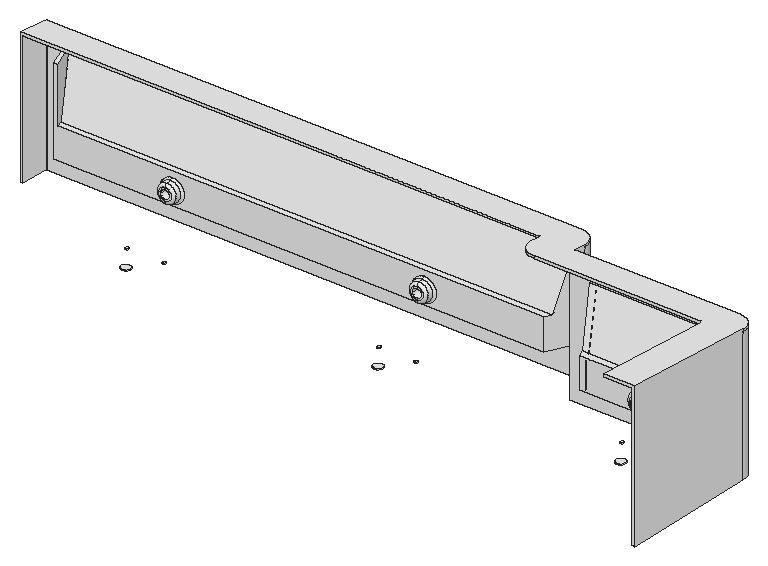
Revit family "Plumbing-Sink-Sloan-Valve-ELWF-84000", category Plumbing Fixtures, host Face, Revit 2019
Family settings
  Host = Face
  Round Connector Dimension = Use Diameter
  Part Type = Normal
  OmniClass Number = 23.45.05.14.14
  OmniClass Title = Sinks/Lavatories
  Cut with Voids When Loaded = No
  Shared = No
  Room Calculation Point = No
Parameters (values of type "ELWF-84000")
  Width = 120.00"  # constant formula
  Water Flow = 0.0 GPM
  Waste Connection = yes
  WFU = 2
  Vent Connection = no
  Valve Pressure Drop = 0.0 Pa
  URL = "www.sloanvalve.com"
  Sanitary Drain Connection Diameter = 1.50"
  Product data url = "https://bimobject.com/sloan_valve/product/sinks_sloanstone_elwf-84000"
  Product Material = Sloan - SloanStone - White (WH)
  Product Guid = ""
  Part Number = ""
  Model = "ELWF-84000"
  Manufacturer = "Sloan Valve"  # constant formula
  Keynote = "10000"
  Hot Water Connection Diameter = 0.50"
  Height = 29.69"  # constant formula
  HWFU = 1.5
  HW Connection = yes
  z_Elevation [instance] = 34.00"  # constant formula
  Edition number = 1
  Description = "SloanStone® 4-Station Wall-Mounted Waterfall Sink."
  Depth = 22.00"  # constant formula
  Default Elevation = 0.00"  # constant formula
  Cold Water Connection Diameter = 0.50"
  CWFU = 1.5
  CW Connection = yes
  Assembly Code = "D2010400"
  ADA Compliant = 1 = 1  # yes
Reference planes
  plane 1 "Center (Front/Back)": y = 0
  plane 2: z = 0
  plane 3 "Center (Left/Right)": x = 0
  plane 4: y = -355.6
  plane 5: y = -863.6
  plane 6: z = 53.975
  plane 7: x = -1914.118
  plane 8: z = 53.975
  plane 9: x = -1152.24
  plane 10: x = -390.128
  plane 11: z = 53.975
  plane 12: x = 371.475
  plane 13: z = 53.975
  plane 14: x = -2292.495
  plane 15: x = 755.505
  plane 16: z = 598.536
Forms (mm)
  Extrusion 1, solid, not visible
    sketch origin (0, 0, 0) x (1, 0, 0) y (0, 1, 0)
      loop
        circle (371.475, -355.6) r 19.05
      loop
        circle (447.675, -254) r 6.35
      loop
        circle (295.275, -254) r 6.35
      loop
        circle (-631.54, -355.6) r 19.05
      loop
        circle (-555.34, -254) r 6.35
      loop
        circle (-707.74, -254) r 6.35
      loop
        circle (-1672.94, -355.6) r 19.05
      loop
        circle (-1596.74, -254) r 6.35
      loop
        circle (-1749.14, -254) r 6.35
    from 0 to 12.947
Dimensions and locks
  plane 4 to plane 1 "Center (Front/Back)" = 14.00"
  "z_Elevation": plane 5 to plane 1 "Center (Front/Back)"
  aligned and locked: plane 2 to host face
  aligned and locked: level to host face
Automatic sketch dimensions
  host sketch curve to host sketch curve = 141.00"
  host sketch curve to host sketch curve = 96.00"
  Extrusion 1 sketch curve to plane 4 = 0.00"  (x3)
  Extrusion 1 sketch curve to plane 12 = 0.00"
  Extrusion 1 sketch curve to plane 12 = 3.00"
  Extrusion 1 sketch curve to plane 10 = 6.50439"
  Extrusion 1 sketch curve to Extrusion 1 sketch curve = 3.00"  (x4)
  plane 4 to Extrusion 1 sketch curve = 4.00"  (x6)
  plane 7 to Extrusion 1 sketch curve = 12.49523"
  plane 12 to Extrusion 1 sketch curve = 3.00"
  radius of Extrusion 1 sketch curve = 0.75"  (x3)
  radius of Extrusion 1 sketch curve = 0.25"  (x6)
Nested families
  nested 1: "Geometry" at (-9.525, -762, 282.579) x (1, 0, 0) z (0, 1, 0), type "Geometry"
Connectors
  piping at (371.475, -355.6, 0), diameter 38.1, driven by "WFU", driven by "Sanitary Drain Connection Diameter"
    settings: on Extrusion 1, index 2, connector inside diameter 24.00", connector length 0.00", flow factor 0, pipe flow 0.0 GPM, pressure drop 0.0 Pa, fitting loss kfactor 0, connector angle 0.00°, fixture units 2, engagement length 0.00", angle of deflection 0.00°, flow configuration 3, flow direction 2, fitting loss method 0, system type 16, joint type 0, gender type 0, connector reference index -1, connector utility 0, adjustable connector no, is connector primary yes, connector description "Sanitary Drain Connection 3"
  piping at (447.675, -254, 0), diameter 12.7, driven by "Cold Water Connection Diameter", driven by "Valve Pressure Drop"
    settings: on Extrusion 1, index 3, connector inside diameter 24.00", connector length 0.00", flow factor 0, pipe flow 0.0 GPM, pressure drop 0.0 Pa, fitting loss kfactor 0, connector angle 0.00°, fixture units 1.5, engagement length 0.00", angle of deflection 0.00°, flow configuration 3, flow direction 1, fitting loss method 0, system type 20, joint type 0, gender type 0, connector reference index -1, connector utility 0, adjustable connector no, is connector primary no, connector description "Cold Water Connection 3"
  piping at (295.275, -254, 0), diameter 12.7, driven by "Valve Pressure Drop", driven by "Hot Water Connection Diameter"
    settings: on Extrusion 1, index 4, connector inside diameter 24.00", connector length 0.00", flow factor 0, pipe flow 0.0 GPM, pressure drop 0.0 Pa, fitting loss kfactor 0, connector angle 0.00°, fixture units 1.5, engagement length 0.00", angle of deflection 0.00°, flow configuration 3, flow direction 1, fitting loss method 0, system type 19, joint type 0, gender type 0, connector reference index -1, connector utility 0, adjustable connector no, is connector primary no, connector description "Hot Water Connection 3"
  piping at (-1672.94, -355.6, 0), diameter 38.1, driven by "Sanitary Drain Connection Diameter", driven by "WFU"
    settings: on Extrusion 1, index 5, connector inside diameter 24.00", connector length 0.00", flow factor 0, pipe flow 0.0 GPM, pressure drop 0.0 Pa, fitting loss kfactor 0, connector angle 0.00°, fixture units 2, engagement length 0.00", angle of deflection 0.00°, flow configuration 3, flow direction 2, fitting loss method 0, system type 16, joint type 0, gender type 0, connector reference index -1, connector utility 0, adjustable connector no, is connector primary no, connector description "Sanitary Drain Connection 1"
  piping at (-1749.14, -254, 0), diameter 12.7, driven by "Hot Water Connection Diameter", driven by "Valve Pressure Drop"
    settings: on Extrusion 1, index 6, connector inside diameter 24.00", connector length 0.00", flow factor 0, pipe flow 0.0 GPM, pressure drop 0.0 Pa, fitting loss kfactor 0, connector angle 0.00°, fixture units 1.5, engagement length 0.00", angle of deflection 0.00°, flow configuration 3, flow direction 1, fitting loss method 0, system type 19, joint type 0, gender type 0, connector reference index -1, connector utility 0, adjustable connector no, is connector primary no, connector description "Hot Water Connection 1"
  piping at (-1596.74, -254, 0), diameter 12.7, driven by "Cold Water Connection Diameter", driven by "Valve Pressure Drop"
    settings: on Extrusion 1, index 7, connector inside diameter 24.00", connector length 0.00", flow factor 0, pipe flow 0.0 GPM, pressure drop 0.0 Pa, fitting loss kfactor 0, connector angle 0.00°, fixture units 1.5, engagement length 0.00", angle of deflection 0.00°, flow configuration 3, flow direction 1, fitting loss method 0, system type 20, joint type 0, gender type 0, connector reference index -1, connector utility 0, adjustable connector no, is connector primary no, connector description "Cold Water Connection 1"
  piping at (-631.54, -355.6, 0), diameter 38.1, driven by "Sanitary Drain Connection Diameter", driven by "WFU"
    settings: on Extrusion 1, index 8, connector inside diameter 24.00", connector length 0.00", flow factor 0, pipe flow 0.0 GPM, pressure drop 0.0 Pa, fitting loss kfactor 0, connector angle 0.00°, fixture units 2, engagement length 0.00", angle of deflection 0.00°, flow configuration 3, flow direction 2, fitting loss method 0, system type 16, joint type 0, gender type 0, connector reference index -1, connector utility 0, adjustable connector no, is connector primary no, connector description "Sanitary Drain Connection 2"
  piping at (-707.74, -254, 0), diameter 12.7, driven by "Hot Water Connection Diameter", driven by "Valve Pressure Drop"
    settings: on Extrusion 1, index 9, connector inside diameter 24.00", connector length 0.00", flow factor 0, pipe flow 0.0 GPM, pressure drop 0.0 Pa, fitting loss kfactor 0, connector angle 0.00°, fixture units 1.5, engagement length 0.00", angle of deflection 0.00°, flow configuration 3, flow direction 1, fitting loss method 0, system type 19, joint type 0, gender type 0, connector reference index -1, connector utility 0, adjustable connector no, is connector primary no, connector description "Hot Water Connection 2"
  piping at (-555.34, -254, 0), diameter 12.7, driven by "Cold Water Connection Diameter", driven by "Valve Pressure Drop"
    settings: on Extrusion 1, index 10, connector inside diameter 24.00", connector length 0.00", flow factor 0, pipe flow 0.0 GPM, pressure drop 0.0 Pa, fitting loss kfactor 0, connector angle 0.00°, fixture units 1.5, engagement length 0.00", angle of deflection 0.00°, flow configuration 3, flow direction 1, fitting loss method 0, system type 20, joint type 0, gender type 0, connector reference index -1, connector utility 0, adjustable connector no, is connector primary no, connector description "Cold Water Connection 2"
Definition of nested family "Geometry"
  Parameters (values of type "Geometry")
    URL = ""
    Model = ""
    Manufacturer = ""
    Product Material = none
    Description = ""
    Default Elevation = 0.00"
    Assembly Code = ""
  Reference planes
    plane 1 "Center (Front/Back)": y = 3.179
    plane 2: z = 0
    plane 3 "Center (Left/Right)": x = 0
    plane 4: x = 765.03
    plane 5: y = -276.221
    plane 6: y = 282.579
    plane 7: y = -315.957
    plane 8: x = 638.03
    plane 9: z = 635
    plane 10: x = -2282.97
    plane 11: x = -98.425
    plane 12: x = -2181.37
    plane 13: x = 101.6
    plane 14: x = 660.4
    plane 15: y = 228.604
    plane 16: x = -622.015
    plane 17: x = 381
    plane 18: y = 101.388
    plane 19: x = -380.603
    plane 20: x = -1142.715
    plane 21: x = -1904.593
    plane 22: x = -1663.415
    plane 23: x = 330.2
    plane 24: x = 431.8
    plane 25: x = -329.803
    plane 26: x = -431.403
    plane 27: x = -1193.515
    plane 28: x = -1091.915
    plane 29: x = -1853.793
    plane 30: x = -1955.393
    plane 31: z = 381
    plane 32: z = 330.2
    plane 33: z = 762
    plane 34: x = -73.025
    plane 35: x = -2206.77
    plane 36: y = 281.785
    plane 37: z = -101.6
  Forms (mm)
    Sweep 1, solid, material <- "Product Material"
      path origin (0, 3.179, 0) x (1, 0, 0) y (0, 0, 1)
        loop
          line (765.03, 0) -> (765.03, 558.8)
          arc (765.03, 558.8) -> (742.711, 612.682) -> (688.83, 635) r 76.2
          line (688.83, 635) -> (9.525, 635) -> (9.525, 685.8)
          arc (9.525, 685.8) -> (-12.793, 739.682) -> (-66.675, 762) r 76.2
          line (-66.675, 762) -> (-2263.461, 762)
      profile origin (765.03, 3.179, 279.4) x (-1, 0, 0) y (0, -1, 0)
        loop
          line (12.7, -279.4) -> (12.7, 314.239) -> (0, 314.239) -> (0, -279.4) -> (12.7, -279.4)
    Extrusion 2, solid, material <- "Product Material"
      sketch origin (0, 3.179, 0) x (1, 0, 0) y (0, 0, 1)
        loop
          line (-66.675, 762) -> (-2265.069, 762)
          arc (-2265.069, 762) -> (-2273.074, 758.81) -> (-2276.691, 750.99) r 11.639
          line (-2276.691, 750.99) -> (-2282.875, 635) -> (-139.014, 635)
          arc (-139.014, 635) -> (-134.524, 633.14) -> (-132.664, 628.65) r 6.35
          line (-132.664, 628.65) -> (-132.664, 584.012)
          arc (-132.664, 584.012) -> (-109.663, 531.391) -> (-56.465, 509.758) r 76.225
          line (-56.465, 509.758) -> (625.33, 509.758)
          arc (625.33, 509.758) -> (634.31, 506.038) -> (638.03, 497.058) r 12.7
          line (638.03, 497.058) -> (638.03, 0) -> (765.03, 0) -> (765.03, 558.8)
          arc (765.03, 558.8) -> (742.711, 612.682) -> (688.83, 635) r 76.2
          line (688.83, 635) -> (9.525, 635) -> (9.525, 685.8)
          arc (9.525, 685.8) -> (-12.793, 739.682) -> (-66.675, 762) r 76.2
      from 262.762 to 315.957
    Extrusion 3, void
      sketch origin (0, 0, 0) x (0, 1, 0) y (0, 0, 1)
        loop
          line (-264.243, 763.768) -> (-320.679, 763.768) -> (-320.679, 0) -> (-310.628, 0) -> (-264.243, 763.768)
      from -2282.97 to 765.03
    Extrusion 4, void
      sketch origin (0, -584.631, 763.768) x (0, -1, 0) y (0, 0, -1)
        loop
          line (-284.022, 763.768) -> (-340.16, 763.768) -> (-340.16, 12.7) -> (-329.742, 12.7) -> (-284.022, 763.768)
      from -2282.97 to 765.03
    Extrusion 5, solid, material <- "Product Material"
      sketch origin (-258.467, 3.179, 0) x (1, 0, 0) y (0, 0, 1)
        loop
          line (-2018.224, 750.99) -> (-2024.407, 635) -> (-2014.933, 635) -> (-2008.922, 747.802)
          arc (-2008.922, 747.802) -> (-2008.43, 748.866) -> (-2007.34, 749.3) r 1.584
          line (-2007.34, 749.3) -> (-2004.994, 749.3) -> (-2004.994, 762) -> (-2006.602, 762)
          arc (-2006.602, 762) -> (-2014.607, 758.81) -> (-2018.224, 750.99) r 11.639
      from -279.4 to 283.47
    Extrusion 6, solid, material <- "Product Material"
      sketch origin (7.938, 0, 0) x (0, 1, 0) y (0, 0, 1)
        loop
          line (163.483, 761.997) -> (157.113, 761.997) -> (151.446, 651.967) -> (47.395, 651.967) -> (37.095, 677.948) -> (-198.219, 762) -> (-216.886, 762) -> (29.878, 674.421) -> (29.878, 645.617) -> (157.476, 645.617) -> (163.483, 761.997)
      from -2189.308 to -106.363
    Extrusion 7, void
      sketch origin (0, 3.179, 0) x (1, 0, 0) y (0, 0, 1)
        loop
          line (-100.214, 751.068) -> (-140.488, 645.617) -> (-98.425, 645.617) -> (-98.425, 751.068) -> (-100.214, 751.068)
      from -279.4 to 319.136
    Extrusion 8, void
      sketch origin (0, 0, 0) x (0, 1, 0) y (0, 0, 1)
        loop
          line (157.113, 762) -> (-198.219, 762) -> (-162.664, 749.3) -> (156.459, 749.3) -> (157.113, 762)
      from -2181.37 to -98.425
    Extrusion 9, void
      sketch origin (773.272, -0.666, -126.997) x (0, 1, 0) y (0, 0, 1)
        loop
          line (157.778, 761.997) -> (-197.554, 761.997) -> (-161.998, 749.297) -> (157.124, 749.297) -> (157.778, 761.997)
      from -671.672 to -112.872
    Extrusion 10, void
      sketch origin (0, 0, 0) x (0, 1, 0) y (0, 0, 1)
        loop
          line (29.878, 674.421) -> (-186.084, 751.068) -> (-204.659, 751.068) -> (-204.659, 635) -> (29.878, 635) -> (29.878, 674.421)
      from -672.229 to -81.641
    Extrusion 11, void
      sketch origin (0, 0, 0) x (0, 1, 0) y (0, 0, 1)
        loop
          line (162.919, 751.068) -> (157.255, 641.347) -> (171.957, 641.347) -> (171.957, 751.068) -> (162.919, 751.068)
      from -2206.77 to -73.025
    Revolve 12, solid, material <- "Product Material"
      sketch origin (381, 389.297, 1219.2) x (0, 1, 0) y (0, 0, 1)
        loop
          line (-287.908, -734.834) -> (-287.908, -698.808) -> (-336.235, -698.808)
          arc (-336.235, -698.808) -> (-331.021, -702.444) -> (-328.331, -708.203) r 12.25
          line (-328.331, -708.203) -> (-325.302, -725.382)
          arc (-325.302, -725.382) -> (-321.39, -732.158) -> (-314.038, -734.834) r 11.438
          line (-314.038, -734.834) -> (-287.908, -734.834)
        axis (-287.908, -698.808) -> (-287.908, -734.834)
      angle from 0 to 360
    Extrusion 13, void
      sketch origin (0, 0, 0) x (1, 0, 0) y (0, 1, 0)
        loop
          circle (381, 101.388) r 19.05
      from 481.81 to 552.602
    Extrusion 14, void
      sketch origin (0, 0, 0) x (1, 0, 0) y (0, 1, 0)
        loop
          circle (-622.015, 101.388) r 19.05
      from 595.9 to 698.129
    Revolve 15, solid, material <- "Product Material"
      sketch origin (-622.015, 237.952, 1219.2) x (0, -1, 0) y (0, 0, 1)
        loop
          line (136.564, -609.608) -> (136.564, -573.583) -> (88.237, -573.583)
          arc (88.237, -573.583) -> (93.451, -577.218) -> (96.141, -582.977) r 12.25
          line (96.141, -582.977) -> (99.17, -600.156)
          arc (99.17, -600.156) -> (103.082, -606.932) -> (110.435, -609.608) r 11.438
          line (110.435, -609.608) -> (136.564, -609.608)
        axis (136.564, -573.583) -> (136.564, -609.608)
      angle from 0 to 360
    Extrusion 16, void
      sketch origin (-1142.563, 0, 0) x (1, 0, 0) y (0, 1, 0)
        loop
          circle (-520.852, 101.388) r 19.05
      from 595.9 to 698.129
    Revolve 17, solid, material <- "Product Material"
      sketch origin (-1663.415, 1970.433, 1219.2) x (0, 1, 0) y (0, 0, 1)
        loop
          line (-1869.045, -609.608) -> (-1842.915, -609.608)
          arc (-1842.915, -609.608) -> (-1835.563, -606.932) -> (-1831.651, -600.156) r 11.438
          line (-1831.651, -600.156) -> (-1828.622, -582.977)
          arc (-1828.622, -582.977) -> (-1825.932, -577.218) -> (-1820.718, -573.583) r 12.25
          line (-1820.718, -573.583) -> (-1869.045, -573.583) -> (-1869.045, -609.608)
        axis (-1869.045, -573.583) -> (-1869.045, -609.608)
      angle from 0 to 360
    Extrusion 18, solid, material <- "Product Material"
      sketch origin (-763.759, 0, 0) x (-1, 0, 0) y (0, 0, -1)
        loop
          line (1373.161, -645.617) -> (1417.611, -761.997) -> (1432.471, -761.997) -> (1388.021, -645.617) -> (1373.161, -645.617)
      from -163.483 to 198.219
    Extrusion 19, solid, material <- "Product Material"
      sketch origin (0.499, 0, 0) x (1, 0, 0) y (0, 0, 1)
        loop
          line (-82.14, 762) -> (-98.924, 762) -> (-143.374, 645.617) -> (-126.59, 645.617) -> (-82.14, 762)
      from -163.575 to 198.219
    Extrusion 20, void
      sketch origin (-755.65, 3.179, 0) x (-1, 0, 0) y (0, 0, -1)
        loop
          line (1436.404, -751.068) -> (1438.193, -751.068) -> (1438.193, -645.617) -> (1396.129, -645.617) -> (1436.404, -751.068)
      from -231.461 to 197.759
    Extrusion 21, solid, material <- "Product Material"
      sketch origin (771.838, 0, -127) x (0, 1, 0) y (0, 0, 1)
        loop
          line (163.483, 761.997) -> (157.113, 761.997) -> (151.446, 651.967) -> (47.395, 651.967) -> (37.095, 677.948) -> (-198.219, 762) -> (-216.886, 762) -> (29.878, 674.421) -> (29.878, 645.617) -> (157.476, 645.617) -> (163.483, 761.997)
      from -665.308 to -106.363
    Extrusion 22, void
      sketch origin (763.901, 3.179, -127) x (1, 0, 0) y (0, 0, 1)
        loop
          line (-100.214, 751.068) -> (-140.488, 645.617) -> (-98.425, 645.617) -> (-98.425, 751.068) -> (-100.214, 751.068)
      from -279.4 to 319.136
    Extrusion 23, void
      sketch origin (763.901, 0, -127) x (0, 1, 0) y (0, 0, 1)
        loop
          line (29.878, 674.421) -> (-186.084, 751.068) -> (-198.219, 751.068) -> (-198.219, 635) -> (29.878, 635) -> (29.878, 674.421)
      from -686.945 to -73.025
    Extrusion 24, void
      sketch origin (763.901, 0, -127) x (0, 1, 0) y (0, 0, 1)
        loop
          line (162.919, 751.068) -> (157.255, 641.347) -> (171.957, 641.347) -> (171.957, 751.068) -> (162.919, 751.068)
      from -682.77 to -73.025
    Extrusion 25, void
      sketch origin (8.251, 3.179, -127) x (-1, 0, 0) y (0, 0, -1)
        loop
          line (-87.596, -751.068) -> (-85.807, -751.068) -> (-85.807, -645.617) -> (-127.871, -645.617) -> (-87.596, -751.068)
      from -231.461 to 197.759
    Extrusion 26, solid, material <- "Product Material"
      sketch origin (759.324, 0, -127) x (1, 0, 0) y (0, 0, 1)
        loop
          line (-82.14, 762) -> (-98.924, 762) -> (-143.374, 645.617) -> (-126.59, 645.617) -> (-82.14, 762)
      from -163.575 to 198.219
    Extrusion 27, solid, material <- "Product Material"
      sketch origin (2.662, 0, -127) x (-1, 0, 0) y (0, 0, -1)
        loop
          line (-74.294, -762) -> (-118.744, -645.617) -> (-143.752, -645.617) -> (-99.302, -762) -> (-74.294, -762)
      from -163.575 to 198.219
    Extrusion 28, solid, material <- "Product Material"
      sketch origin (0, 3.179, 0) x (1, 0, 0) y (0, 0, 1)
        loop
          circle (-1663.415, 406.4) r 19.05
        loop
          circle (-1587.215, 508) r 6.35
        loop
          circle (-1739.615, 508) r 6.35
      from -279.4 to -278.606
    Extrusion 29, solid, material <- "Product Material"
      sketch origin (760.921, 3.179, 0) x (1, 0, 0) y (0, 0, 1)
        loop
          circle (-1459.135, 508) r 6.35
        loop
          circle (-1306.735, 508) r 6.35
        loop
          circle (-1382.935, 406.4) r 19.05
      from -279.4 to -278.606
    Extrusion 30, solid, material <- "Product Material"
      sketch origin (1519.746, 3.179, 0) x (1, 0, 0) y (0, 0, 1)
        loop
          circle (-1214.946, 508) r 6.35
        loop
          circle (-1062.546, 508) r 6.35
        loop
          circle (-1138.746, 406.4) r 19.05
      from -279.4 to -278.606
  Cuts and joins
    Extrusion 3, Extrusion 8, Extrusion 9 cuts Sweep 1
    Extrusion 3, Extrusion 4, Extrusion 8, Extrusion 9 cuts Extrusion 2
    Extrusion 3, Extrusion 8, Extrusion 9 cuts Extrusion 5
    Extrusion 7, Extrusion 9, Extrusion 14, Extrusion 16, Extrusion 20 cuts Extrusion 6
    Extrusion 13 cuts Revolve 12
    Extrusion 8, Extrusion 9, Extrusion 14, Extrusion 16 cuts Revolve 15
    Extrusion 9, Extrusion 10, Extrusion 11 cuts Extrusion 18
    Extrusion 9, Extrusion 10, Extrusion 11 cuts Extrusion 19
    Extrusion 13, Extrusion 22, Extrusion 25 cuts Extrusion 21
    Extrusion 23, Extrusion 24 cuts Extrusion 26
    Extrusion 23, Extrusion 24 cuts Extrusion 27
    joined: Sweep 1, Extrusion 2, Extrusion 5, Extrusion 6, Revolve 12, Revolve 15, Extrusion 18, Extrusion 19, Extrusion 21, Extrusion 26, Extrusion 27
    Extrusion 16 cuts Revolve 17
  Lines and regions (mm)
    Masking region 1
      outline origin (0, 0, 0) x (1, 0, 0) y (0, 1, 0)
        loop
          line (-2282.875, 282.579) -> (-2282.875, -272.064) -> (-138.931, -272.064)
          spline (-138.931, -272.064) -> (-138.11, -272.068) -> (-137.304, -272.078) -> (-136.526, -272.095) -> (-135.791, -272.117) -> (-135.11, -272.145) -> (-134.495, -272.178) -> (-133.956, -272.216) -> (-133.502, -272.258) -> (-133.14, -272.303) -> (-132.878, -272.35) -> (-132.718, -272.399) -> (-132.664, -272.449)
          line (-132.664, -272.449) -> (-132.664, -275.143)
          spline (-132.664, -275.143) -> (-131.835, -275.732) -> (-129.771, -276.311) -> (-126.504, -276.868) -> (-122.09, -277.396) -> (-116.6, -277.886) -> (-110.124, -278.328) -> (-102.769, -278.718) -> (-94.654, -279.046) -> (-85.912, -279.31) -> (-76.687, -279.504) -> (-67.129, -279.624) -> (-57.396, -279.67)
          line (-57.396, -279.67) -> (625.496, -279.67)
          spline (625.496, -279.67) -> (627.139, -279.678) -> (628.751, -279.698) -> (630.305, -279.732) -> (631.776, -279.777) -> (633.138, -279.833) -> (634.369, -279.899) -> (635.447, -279.975) -> (636.355, -280.058) -> (637.078, -280.148) -> (637.603, -280.243) -> (637.922, -280.341) -> (638.03, -280.44)
          line (638.03, -280.44) -> (638.03, -310.628) -> (765.03, -310.628) -> (765.03, 282.579) -> (-2282.875, 282.579)
    symbolic lines, detail levels fine
      curve 1: arc (-1891.893, 228.604, 0) -> (-1904.593, 215.904, 0) -> (-1917.293, 228.604, 0) r 12.7
      curve 2: arc (-1917.293, 228.604, 0) -> (-1904.593, 241.304, 0) -> (-1891.893, 228.604, 0) r 12.7
      curve 3: arc (-1130.015, 228.604, 0) -> (-1142.715, 215.904, 0) -> (-1155.415, 228.604, 0) r 12.7
      curve 4: arc (-1155.415, 228.604, 0) -> (-1142.715, 241.304, 0) -> (-1130.015, 228.604, 0) r 12.7
      curve 5: arc (-367.903, 228.604, 0) -> (-380.603, 215.904, 0) -> (-393.303, 228.604, 0) r 12.7
      curve 6: arc (-393.303, 228.604, 0) -> (-380.603, 241.304, 0) -> (-367.903, 228.604, 0) r 12.7
      curve 7: arc (393.7, 228.604, 0) -> (381, 215.904, 0) -> (368.3, 228.604, 0) r 12.7
      curve 8: arc (368.3, 228.604, 0) -> (381, 241.304, 0) -> (393.7, 228.604, 0) r 12.7
      curve 9: arc (400.05, 101.388, 0) -> (381, 82.338, 0) -> (361.95, 101.388, 0) r 19.05
      curve 10: arc (361.95, 101.388, 0) -> (381, 120.438, 0) -> (400.05, 101.388, 0) r 19.05
      curve 11: arc (-602.965, 101.388, 0) -> (-622.015, 82.338, 0) -> (-641.065, 101.388, 0) r 19.05
      curve 12: arc (-641.065, 101.388, 0) -> (-622.015, 120.438, 0) -> (-602.965, 101.388, 0) r 19.05
      curve 13: arc (-1644.365, 101.388, 0) -> (-1663.415, 82.338, 0) -> (-1682.465, 101.388, 0) r 19.05
      curve 14: arc (-1682.465, 101.388, 0) -> (-1663.415, 120.438, 0) -> (-1644.365, 101.388, 0) r 19.05
    symbolic lines, detail levels medium+fine
      curve 15: line (-2181.37, 157.113, 0) -> (-98.425, 157.113, 0)
      curve 16: line (-2181.37, -198.219, 0) -> (-2181.37, 157.113, 0)
      curve 17: line (-98.425, -198.219, 0) -> (-2181.37, -198.219, 0)
      curve 18: line (-98.425, 157.113, 0) -> (-98.425, -198.219, 0)
      curve 19: line (101.963, 157.113, 0) -> (660.4, 157.113, 0)
      curve 20: line (101.963, -198.219, 0) -> (101.963, 157.113, 0)
      curve 21: line (660.4, -198.219, 0) -> (101.963, -198.219, 0)
      curve 22: line (660.4, 157.113, 0) -> (660.4, -198.219, 0)
      curve 23: line (9.525, 282.579, 0) -> (9.525, -272.064, 0)
      curve 24: line (-2149.267, 37.095, 0) -> (-2181.37, -198.219, 0)
      curve 25: line (-2139.344, 47.395, 0) -> (-2149.267, 37.095, 0)
      curve 26: line (-2139.344, 151.446, 0) -> (-2139.344, 47.395, 0)
      curve 27: line (-140.45, 151.446, 0) -> (-2139.344, 151.446, 0)
      curve 28: line (-2181.37, 157.113, 0) -> (-2139.344, 151.446, 0)
      curve 29: line (-2139.344, 47.395, 0) -> (-140.45, 47.395, 0)
      curve 30: line (-2149.267, 37.095, 0) -> (-130.527, 37.095, 0)
      curve 31: line (-98.425, -198.219, 0) -> (-130.527, 37.095, 0)
      curve 32: line (-130.527, 37.095, 0) -> (-140.45, 47.395, 0)
      curve 33: line (-140.45, 47.395, 0) -> (-140.45, 151.446, 0)
      curve 34: line (-140.45, 151.446, 0) -> (-98.425, 157.113, 0)
      curve 35: line (101.963, -198.219, 0) -> (134.065, 37.095, 0)
      curve 36: line (628.298, 37.095, 0) -> (134.065, 37.095, 0)
      curve 37: line (143.988, 47.395, 0) -> (618.375, 47.395, 0)
      curve 38: line (143.988, 47.395, 0) -> (143.988, 151.446, 0)
      curve 39: line (134.065, 37.095, 0) -> (143.988, 47.395, 0)
      curve 40: line (143.988, 151.446, 0) -> (101.963, 157.113, 0)
      curve 41: line (143.988, 151.446, 0) -> (618.375, 151.446, 0)
      curve 42: line (618.375, 47.395, 0) -> (628.298, 37.095, 0)
      curve 43: line (660.4, -198.219, 0) -> (628.298, 37.095, 0)
      curve 44: line (618.375, 151.446, 0) -> (618.375, 47.395, 0)
      curve 45: line (618.375, 151.446, 0) -> (660.4, 157.113, 0)
      curve 46: line (9.525, -272.064, 0) -> (689.829, -272.064, 0)
      curve 47: spline (689.829, -272.064, 0) -> (699.692, -272.111, 0) -> (709.37, -272.235, 0) -> (718.702, -272.435, 0) -> (727.53, -272.705, 0) -> (735.705, -273.043, 0) -> (743.09, -273.442, 0) -> (749.561, -273.896, 0) -> (755.008, -274.397, 0) -> (759.341, -274.936, 0) -> (762.486, -275.504, 0) -> (764.391, -276.093, 0) -> (765.022, -276.691, 0)
      curve 48: spline (-65.676, -264.351, 0) -> (-55.813, -264.398, 0) -> (-46.135, -264.522, 0) -> (-36.803, -264.722, 0) -> (-27.975, -264.992, 0) -> (-19.8, -265.33, 0) -> (-12.415, -265.729, 0) -> (-5.944, -266.183, 0) -> (-0.496, -266.684, 0) -> (3.836, -267.223, 0) -> (6.981, -267.791, 0) -> (8.886, -268.38, 0) -> (9.517, -268.978, 0)
      curve 49: line (-2265.207, -264.351, 0) -> (-65.676, -264.351, 0)
      curve 50: spline (-2276.69, -265.019, 0) -> (-2276.522, -264.931, 0) -> (-2276.173, -264.846, 0) -> (-2275.65, -264.763, 0) -> (-2274.96, -264.685, 0) -> (-2274.115, -264.613, 0) -> (-2273.128, -264.548, 0) -> (-2272.013, -264.49, 0) -> (-2270.79, -264.442, 0) -> (-2269.477, -264.403, 0) -> (-2268.094, -264.375, 0) -> (-2266.663, -264.357, 0) -> (-2265.207, -264.351, 0)
      curve 51: line (-2276.69, -265.019, 0) -> (-2276.69, 282.488, 0)
      curve 52: line (-2282.875, -272.064, 0) -> (-2276.691, -265.019, 0)
  Dimensions and locks
    plane 6 to plane 5 = 22.00"
    equal spacing: plane 6, plane 1 "Center (Front/Back)", plane 5
    plane 3 "Center (Left/Right)" to plane 8 to plane 4 = 25.11928" locked, 5.00" locked
    plane 11 to plane 3 "Center (Left/Right)" = 3.875"
    locked: plane 10 to plane 12 at 101.6
    plane 3 "Center (Left/Right)" to plane 13 to plane 14 to plane 4 = 4.00", 22.00" locked, 4.11928" locked
    plane 10 to plane 3 "Center (Left/Right)" = 89.88072"
    plane 6 to plane 7 = 23.56441"
    locked: plane 6 to plane 5 at 558.8
    plane 10 to plane 4 = 120.00"
    plane 13 to plane 17 to plane 14 = 11.00", 11.00"
    plane 12 to plane 19 to plane 11 = 70.89634", 11.10938"
    plane 9 to level = 25.00"
    equal spacing: plane 23, plane 17, plane 24
    locked: plane 23 to plane 17 at 50.8
    equal spacing: plane 26, plane 19, plane 25
    locked: plane 26 to plane 19 at 50.8
    equal spacing: plane 27, plane 20, plane 28
    locked: plane 27 to plane 20 at 50.8
    equal spacing: plane 30, plane 21, plane 29
    locked: plane 30 to plane 21 at 50.8
    plane 32 to level = 13.00"
    locked: plane 31 to level at 381
    locked: plane 33 to level at 762
    plane 12 to plane 11 = 82.00572"
    locked: plane 6 to plane 15 at 53.975
    locked: Sweep 1 sketch curve to Sweep 1 sketch curve at 593.639
    locked: plane 11 to plane 34 at 25.4
    locked: plane 35 to plane 12 at 25.4
    locked: plane 6 to plane 36 at 0.794
    plane 16 to plane 17 = 39.48876"
    plane 20 to plane 19 = 30.00439"
    plane 20 to plane 17 = 59.98876"
    plane 20 to plane 16 = 20.50"
    plane 22 to plane 20 = 20.50"
    plane 21 to plane 20 = 29.99523"
    aligned and locked: Extrusion 2 sketch curve to plane 4
    aligned and locked: plane 4 to Extrusion 3
    aligned and locked: Extrusion 3 to plane 10
    aligned and locked: Extrusion 4 to Extrusion 3
    aligned and locked: Extrusion 6 to plane 11
    aligned and locked: Extrusion 7 sketch curve to Extrusion 6  (x2)
    aligned and locked: plane 7 to Extrusion 7
    aligned and locked: plane 6 to Extrusion 7
    aligned and locked: Extrusion 6 to Extrusion 8  (x2)
    aligned and locked: Extrusion 7 to Extrusion 6
    aligned and locked: plane 18 to Extrusion 16 sketch curve
    aligned and locked: plane 22 to Extrusion 16 sketch curve
    aligned and locked: plane 33 to Extrusion 2 sketch curve
    aligned and locked: Extrusion 2 to Extrusion 5 sketch curve
    aligned and locked: plane 9 to Sweep 1 sketch curve
    aligned and locked: plane 12 to Extrusion 6
    aligned and locked: Extrusion 10 to Extrusion 19
    aligned and locked: Extrusion 11 to plane 34
    aligned and locked: plane 35 to Extrusion 11
    aligned and locked: plane 6 to Sweep 1 sketch curve
    aligned and locked: plane 6 to Extrusion 5
    aligned and locked: Extrusion 22 sketch curve to Extrusion 21  (x2)
    aligned and locked: Extrusion 22 to Extrusion 21
    aligned and locked: plane 14 to Extrusion 9
    aligned and locked: Extrusion 9 to plane 13
    aligned and locked: Extrusion 24 to Extrusion 23
    aligned and locked: Extrusion 26 to Extrusion 9
    aligned and locked: plane 6 to Extrusion 28
    aligned and locked: Extrusion 28 to plane 36
    aligned and locked: plane 17 to Extrusion 30 sketch curve
    aligned and locked: Extrusion 29 to plane 36
    aligned and locked: plane 6 to Extrusion 29
    aligned and locked: Extrusion 30 to plane 36
    aligned and locked: plane 6 to Extrusion 30
    aligned and locked: curve 15 to cut or joined group 1 (Sweep 1, Extrusion 2, Extrusion 3, Extrusion 4, Extrusion 5, Extrusion 6, Extrusion 7, Extrusion 8, Extrusion 9, Extrusion 10, Extrusion 11, Revolve 12, Extrusion 13, Extrusion 14, Revolve 15, Extrusion 16, Extrusion 18, Extrusion 19, Extrusion 20, Extrusion 21, Extrusion 22, Extrusion 23, Extrusion 24, Extrusion 25, Extrusion 26, Extrusion 27)
    aligned and locked: curve 16 to cut or joined group 1
    aligned and locked: curve 17 to cut or joined group 1
    aligned and locked: curve 18 to cut or joined group 1
    aligned and locked: curve 19 to cut or joined group 1
    aligned and locked: curve 20 to cut or joined group 1
    aligned and locked: curve 21 to cut or joined group 1
    aligned and locked: curve 22 to cut or joined group 1
    aligned and locked: curve 24 to cut or joined group 1
    aligned and locked: curve 25 to cut or joined group 1
    aligned and locked: curve 26 to cut or joined group 1
    aligned and locked: curve 27 to cut or joined group 1
    aligned and locked: curve 28 to cut or joined group 1
    aligned and locked: curve 29 to cut or joined group 1
    aligned and locked: curve 30 to cut or joined group 1
    aligned and locked: curve 31 to cut or joined group 1
    aligned and locked: curve 32 to cut or joined group 1
    aligned and locked: curve 33 to cut or joined group 1
    aligned and locked: curve 34 to cut or joined group 1
    aligned and locked: curve 35 to cut or joined group 1
    aligned and locked: curve 36 to cut or joined group 1
    aligned and locked: curve 37 to cut or joined group 1
    aligned and locked: curve 38 to cut or joined group 1
    aligned and locked: curve 39 to cut or joined group 1
    aligned and locked: curve 40 to cut or joined group 1
    aligned and locked: curve 41 to cut or joined group 1
    aligned and locked: curve 42 to cut or joined group 1
    aligned and locked: curve 43 to cut or joined group 1
    aligned and locked: curve 44 to cut or joined group 1
    aligned and locked: curve 45 to cut or joined group 1
    aligned and locked: curve 46 to cut or joined group 1
    aligned and locked: curve 49 to cut or joined group 1
    aligned and locked: Masking region 1 sketch curve to cut or joined group 1  (x6)
    aligned and locked: cut or joined group 1 to Masking region 1 sketch curve  (x2)
    aligned and locked: curve 52 to cut or joined group 1
  Automatic sketch dimensions
    Sweep 1 sketch curve to plane 33 = 0.00"
    Sweep 1 sketch curve to plane 4 = 0.00"
    Sweep 1 sketch curve to level = 0.00"
    plane 14 to Sweep 1 sketch curve = 1.11928"
    plane 3 "Center (Left/Right)" to Sweep 1 sketch curve = 0.375"
    Sweep 1 sketch curve to plane 34 = 0.25"
    plane 10 to Sweep 1 sketch curve = 0.76808"
    Sweep 1 sketch curve to profile plane = 0.00"
    Sweep 1 sketch curve to profile plane = 0.50"
    Extrusion 2 sketch curve to plane 9 = 0.00"  (x2)
    plane 8 to Extrusion 2 sketch curve = 0.00"
    Extrusion 2 sketch curve to level = 0.00"
    Extrusion 2 sketch curve to Extrusion 2 sketch curve = 0.50"
    plane 3 "Center (Left/Right)" to Extrusion 2 sketch curve = 0.375"
    Extrusion 2 sketch curve to plane 34 = 0.65199"
    Extrusion 2 sketch curve to plane 34 = 0.25"
    plane 11 to Extrusion 2 sketch curve = 1.34801"
    Extrusion 2 sketch curve to plane 9 = 0.25"
    Extrusion 2 sketch curve to plane 33 = 0.45824"
    plane 10 to Extrusion 2 sketch curve = 0.70477"
    plane 10 to Extrusion 2 sketch curve = 0.24721"
    plane 10 to Extrusion 2 sketch curve = 0.00377"
    plane 14 to Extrusion 2 sketch curve = 1.11928"
    Extrusion 2 sketch curve to Extrusion 2 sketch curve = 2.4308"
    Extrusion 2 sketch curve to Extrusion 2 sketch curve = 1.75738"
    Extrusion 3 sketch curve to level = 0.00"
    plane 7 to Extrusion 3 sketch curve = 0.18589"
    Extrusion 3 sketch curve to plane 7 = 0.20981"
    plane 33 to Extrusion 3 sketch curve = 0.06962"
    plane 5 to Extrusion 3 sketch curve = 0.47157"
    Extrusion 4 sketch curve to level = 0.00"
    Extrusion 4 sketch curve to plane 33 = 0.43038"
    plane 5 to Extrusion 4 sketch curve = 1.25"
    Extrusion 4 sketch curve to Extrusion 4 sketch curve = 0.41016"
    Extrusion 4 sketch curve to plane 7 = 0.60428"
    Extrusion 5 sketch curve to plane 9 = 0.00"
    plane 10 to Extrusion 5 sketch curve = 0.00377"
    plane 10 to Extrusion 5 sketch curve = 0.24721"
    Extrusion 5 sketch curve to Extrusion 5 sketch curve = 0.37301"
    Extrusion 5 sketch curve to Extrusion 5 sketch curve = 0.36621"
    Extrusion 5 sketch curve to Extrusion 5 sketch curve = 0.06227"
    Extrusion 5 sketch curve to Extrusion 5 sketch curve = 0.02908"
    Extrusion 5 sketch curve to Extrusion 5 sketch curve = 0.06331"
    Extrusion 5 sketch curve to plane 33 = 0.56237"
    Extrusion 5 sketch curve to Extrusion 5 sketch curve = 0.00337"
    Extrusion 5 sketch curve to Extrusion 5 sketch curve = 0.04176"
    Extrusion 6 sketch curve to plane 33 = 0.00"
    plane 5 to Extrusion 6 sketch curve = 2.33605"
    Extrusion 6 sketch curve to Extrusion 6 sketch curve = 0.7349"
    Extrusion 6 sketch curve to plane 1 "Center (Front/Back)" = 1.05116"
    Extrusion 6 sketch curve to Extrusion 6 sketch curve = 0.28411"
    Extrusion 6 sketch curve to Extrusion 6 sketch curve = 0.68965"
    plane 9 to Extrusion 6 sketch curve = 0.66801"
    plane 18 to Extrusion 6 sketch curve = 1.97078"
    Extrusion 6 sketch curve to plane 33 = 0.00013"
    plane 18 to Extrusion 6 sketch curve = 2.19387"
    plane 9 to Extrusion 6 sketch curve = 0.41801"
    Extrusion 6 sketch curve to Extrusion 6 sketch curve = 0.23738"
    Extrusion 6 sketch curve to Extrusion 6 sketch curve = 0.25082"
    Extrusion 6 sketch curve to Extrusion 6 sketch curve = 0.88399"
    Extrusion 6 sketch curve to Extrusion 6 sketch curve = 0.13886"
    plane 11 to Extrusion 7 sketch curve = 0.07042"
    plane 11 to Extrusion 7 sketch curve = 1.65604"
    Extrusion 7 sketch curve to plane 33 = 0.43038"
    Extrusion 8 sketch curve to plane 33 = 0.00"
    plane 5 to Extrusion 8 sketch curve = 3.07095"
    Extrusion 8 sketch curve to plane 33 = 0.50"
    Extrusion 8 sketch curve to Extrusion 8 sketch curve = 1.39981"
    plane 18 to Extrusion 8 sketch curve = 2.16813"
    Extrusion 8 sketch curve to Extrusion 8 sketch curve = 0.02575"
    Extrusion 9 sketch curve to plane 9 = 0.00"
    plane 5 to Extrusion 9 sketch curve = 3.07095"
    Extrusion 9 sketch curve to plane 9 = 0.50"
    Extrusion 9 sketch curve to Extrusion 9 sketch curve = 1.39981"
    plane 18 to Extrusion 9 sketch curve = 2.16813"
    Extrusion 9 sketch curve to Extrusion 9 sketch curve = 0.02575"
    Extrusion 10 sketch curve to plane 9 = 0.00"
    Extrusion 10 sketch curve to plane 33 = 0.43038"
    plane 5 to Extrusion 10 sketch curve = 2.8174"
    Extrusion 10 sketch curve to Extrusion 10 sketch curve = 0.7313"
    Extrusion 10 sketch curve to plane 1 "Center (Front/Back)" = 1.05116"
    plane 9 to Extrusion 10 sketch curve = 1.552"
    plane 9 to Extrusion 11 sketch curve = 0.24987"
    plane 18 to Extrusion 11 sketch curve = 2.19948"
    Extrusion 11 sketch curve to plane 33 = 0.43038"
    plane 18 to Extrusion 11 sketch curve = 2.42248"
    Extrusion 11 sketch curve to Extrusion 11 sketch curve = 0.57882"
    Revolve 12 sketch curve to plane 18 = 0.00"  (x2)
    Revolve 12 sketch curve to plane 18 = 1.02871"
    Revolve 12 sketch curve to Revolve 12 sketch curve = 0.44347"
    Revolve 12 sketch curve to Revolve 12 sketch curve = 0.11926"
    Revolve 12 sketch curve to Revolve 12 sketch curve = 0.3112"
    Revolve 12 sketch curve to Revolve 12 sketch curve = 0.16375"
    plane 31 to Revolve 12 sketch curve = 4.06955"
    Revolve 12 sketch curve to Revolve 12 sketch curve = 0.37212"
    Revolve 12 sketch curve to Revolve 12 sketch curve = 0.59259"
    Revolve 12 sketch curve to Revolve 12 sketch curve = 0.08375"
    Revolve 12 sketch curve to Revolve 12 sketch curve = 0.25"
    Revolve 12 sketch curve to Revolve 12 sketch curve = 0.15231"
    Extrusion 13 sketch curve to plane 17 = 0.00"
    Extrusion 13 sketch curve to plane 18 = 0.00"
    Extrusion 14 sketch curve to plane 16 = 0.00"
    Extrusion 14 sketch curve to plane 18 = 0.00"
    Revolve 15 sketch curve to plane 18 = 0.00"  (x2)
    plane 18 to Revolve 15 sketch curve = 1.02871"
    Revolve 15 sketch curve to plane 9 = 0.6282"
    Revolve 15 sketch curve to Revolve 15 sketch curve = 0.44347"
    plane 9 to Revolve 15 sketch curve = 0.04813"
    Revolve 15 sketch curve to Revolve 15 sketch curve = 0.11926"
    Revolve 15 sketch curve to Revolve 15 sketch curve = 0.3112"
    Revolve 15 sketch curve to plane 9 = 0.03562"
    Revolve 15 sketch curve to Revolve 15 sketch curve = 0.16375"
    Revolve 15 sketch curve to plane 9 = 1.00032"
    Revolve 15 sketch curve to Revolve 15 sketch curve = 0.25"
    Revolve 15 sketch curve to Revolve 15 sketch curve = 0.15231"
    Revolve 17 sketch curve to plane 18 = 0.00"  (x2)
    plane 18 to Revolve 17 sketch curve = 1.02871"
    Revolve 17 sketch curve to plane 9 = 0.6282"
    Revolve 17 sketch curve to Revolve 17 sketch curve = 0.44347"
    plane 9 to Revolve 17 sketch curve = 0.04813"
    Revolve 17 sketch curve to Revolve 17 sketch curve = 0.11926"
    Revolve 17 sketch curve to Revolve 17 sketch curve = 0.3112"
    Revolve 17 sketch curve to plane 9 = 0.03562"
    Revolve 17 sketch curve to Revolve 17 sketch curve = 0.16375"
    Revolve 17 sketch curve to plane 9 = 1.00032"
    Revolve 17 sketch curve to Revolve 17 sketch curve = 0.25"
    Revolve 17 sketch curve to Revolve 17 sketch curve = 0.15231"
    Extrusion 18 sketch curve to plane 9 = 0.41801"
    plane 12 to Extrusion 18 sketch curve = 1.75005"
    Extrusion 18 sketch curve to Extrusion 18 sketch curve = 0.58504"
    plane 12 to Extrusion 18 sketch curve = 0.00005"
    plane 33 to Extrusion 18 sketch curve = 0.00013"
    plane 35 to Extrusion 18 sketch curve = 0.41501"
    plane 11 to Extrusion 19 sketch curve = 0.00"
    Extrusion 19 sketch curve to plane 33 = 0.00"
    plane 9 to Extrusion 19 sketch curve = 0.41801"
    plane 11 to Extrusion 19 sketch curve = 1.08923"
    Extrusion 19 sketch curve to Extrusion 19 sketch curve = 0.66077"
    plane 34 to Extrusion 19 sketch curve = 0.33923"
    Extrusion 20 sketch curve to plane 9 = 0.41801"
    plane 12 to Extrusion 20 sketch curve = 1.165"
    Extrusion 20 sketch curve to plane 12 = 0.42062"
    Extrusion 20 sketch curve to plane 12 = 0.49104"
    plane 33 to Extrusion 20 sketch curve = 0.43038"
    Extrusion 21 sketch curve to plane 9 = 0.00"
    plane 5 to Extrusion 21 sketch curve = 2.33605"
    Extrusion 21 sketch curve to Extrusion 21 sketch curve = 0.7349"
    Extrusion 21 sketch curve to plane 1 "Center (Front/Back)" = 1.05116"
    Extrusion 21 sketch curve to Extrusion 21 sketch curve = 0.28411"
    Extrusion 21 sketch curve to Extrusion 21 sketch curve = 0.68965"
    plane 18 to Extrusion 21 sketch curve = 1.97078"
    Extrusion 21 sketch curve to plane 9 = 0.00013"
    plane 18 to Extrusion 21 sketch curve = 2.19387"
    Extrusion 21 sketch curve to Extrusion 21 sketch curve = 0.23738"
    Extrusion 21 sketch curve to Extrusion 21 sketch curve = 0.25082"
    Extrusion 21 sketch curve to plane 9 = 3.30913"
    Extrusion 21 sketch curve to Extrusion 21 sketch curve = 0.13886"
    Extrusion 21 sketch curve to plane 9 = 4.33199"
    Extrusion 21 sketch curve to Extrusion 21 sketch curve = 0.25"
    Extrusion 22 sketch curve to Extrusion 22 sketch curve = 0.07042"
    plane 8 to Extrusion 22 sketch curve = 0.57549"
    Extrusion 22 sketch curve to plane 9 = 0.43038"
    Extrusion 23 sketch curve to plane 9 = 0.43038"
    plane 5 to Extrusion 23 sketch curve = 3.07095"
    Extrusion 23 sketch curve to Extrusion 23 sketch curve = 0.47775"
    Extrusion 23 sketch curve to plane 1 "Center (Front/Back)" = 1.05116"
    Extrusion 23 sketch curve to plane 9 = 3.448"
    Extrusion 23 sketch curve to Extrusion 23 sketch curve = 4.56962"
    plane 18 to Extrusion 24 sketch curve = 2.19948"
    Extrusion 24 sketch curve to plane 9 = 0.43038"
    plane 18 to Extrusion 24 sketch curve = 2.42248"
    Extrusion 24 sketch curve to Extrusion 24 sketch curve = 0.57882"
    Extrusion 24 sketch curve to Extrusion 24 sketch curve = 4.31974"
    Extrusion 25 sketch curve to plane 13 = 1.35911"
    plane 13 to Extrusion 25 sketch curve = 0.22651"
    plane 13 to Extrusion 25 sketch curve = 0.29693"
    plane 9 to Extrusion 25 sketch curve = 4.58199"
    plane 9 to Extrusion 25 sketch curve = 0.43038"
    Extrusion 26 sketch curve to plane 9 = 0.00"
    Extrusion 26 sketch curve to plane 14 = 0.00"
    plane 8 to Extrusion 26 sketch curve = 0.20851"
    Extrusion 26 sketch curve to Extrusion 26 sketch curve = 0.66077"
    plane 14 to Extrusion 26 sketch curve = 0.66077"
    Extrusion 26 sketch curve to plane 9 = 4.58199"
    Extrusion 27 sketch curve to plane 9 = 0.00"
    plane 13 to Extrusion 27 sketch curve = 1.76431"
    plane 13 to Extrusion 27 sketch curve = 0.77974"
    plane 13 to Extrusion 27 sketch curve = 0.01431"
    Extrusion 27 sketch curve to plane 13 = 0.97026"
    Extrusion 27 sketch curve to plane 9 = 4.58199"
    plane 31 to Extrusion 30 sketch curve = 5.00"  (x2)
    curve 1 to plane 15 = 0.00"
    curve 2 to plane 21 = 0.00"
    curve 13 to plane 18 = 0.00"
    curve 14 to plane 22 = 0.00"
    curve 3 to plane 15 = 0.00"
    curve 4 to plane 20 = 0.00"
    curve 11 to plane 18 = 0.00"
    curve 12 to plane 16 = 0.00"
    curve 5 to plane 15 = 0.00"
    curve 5 to plane 19 = 0.00"
    curve 23 to plane 6 = 0.00"
    curve 10 to plane 18 = 0.00"
    curve 8 to plane 15 = 0.00"
    curve 9 to plane 17 = 0.00"
    curve 8 to plane 17 = 0.00"
    plane 10 to curve 49 = 0.69933"
    plane 10 to curve 51 = 0.24725"
    curve 49 to plane 34 = 0.28934"
    plane 3 "Center (Left/Right)" to curve 23 = 0.375"
    plane 14 to curve 46 = 1.15862"
    plane 5 to curve 51 = 0.44102"
    curve 50 to curve 50 = 0.00588"
    curve 50 to curve 50 = 0.00064"
    curve 1 to plane 21 = 0.50"
    curve 13 to plane 22 = 0.75"
    curve 3 to plane 20 = 0.50"
    curve 11 to curve 11 = 0.75"
    plane 19 to curve 5 = 0.50"
    curve 48 to curve 48 = 0.0424"
    curve 48 to curve 23 = 0.0003"
    curve 48 to curve 48 = 0.00"
    curve 10 to plane 17 = 0.75"
    curve 8 to plane 17 = 0.50"
    curve 47 to plane 5 = 0.01832"
    curve 47 to curve 46 = 0.0424"
    curve 47 to plane 4 = 0.0003"
    curve 47 to curve 47 = 0.00"
    curve 23 to curve 48 = 0.12146"
    curve 51 to plane 6 = 0.00357"
    plane 11 to Masking region 1 sketch curve = 1.59473"
    Masking region 1 sketch curve to Masking region 1 sketch curve = 0.00353"
    Masking region 1 sketch curve to Masking region 1 sketch curve = 0.25023"
    plane 5 to Masking region 1 sketch curve = 0.14852"
    plane 5 to Masking region 1 sketch curve = 0.04247"
    Masking region 1 sketch curve to Masking region 1 sketch curve = 0.00"
    Masking region 1 sketch curve to Masking region 1 sketch curve = 0.00066"
    Masking region 1 sketch curve to plane 34 = 0.61531"
    Masking region 1 sketch curve to Masking region 1 sketch curve = 0.03961"
    Masking region 1 sketch curve to Masking region 1 sketch curve = 0.00707"
    plane 8 to Masking region 1 sketch curve = 0.00005"
    Masking region 1 sketch curve to Masking region 1 sketch curve = 0.03033"
    Masking region 1 sketch curve to plane 5 = 0.1661"
    plane 8 to Masking region 1 sketch curve = 0.49344"
    plane 10 to curve 52 = 0.00377"
    curve 52 to curve 50 = 0.00004"
    plane 31 to Extrusion 30 sketch curve = 1.00"
    Extrusion 30 sketch curve to plane 23 = 1.00"
    plane 24 to Extrusion 30 sketch curve = 1.00"
    plane 31 to Extrusion 29 sketch curve = 1.00"
    Extrusion 29 sketch curve to Extrusion 29 sketch curve = 4.00"  (x2)
    plane 25 to Extrusion 29 sketch curve = 8.50439"
    plane 26 to Extrusion 29 sketch curve = 10.50439"
    plane 16 to Extrusion 29 sketch curve = 0.00"
    plane 16 to Extrusion 28 sketch curve = 41.00"
    plane 31 to Extrusion 28 sketch curve = 1.00"
    Extrusion 28 sketch curve to Extrusion 28 sketch curve = 0.75"
    plane 16 to Extrusion 28 sketch curve = 38.00"
    Extrusion 28 sketch curve to Extrusion 28 sketch curve = 4.00"  (x2)
    Extrusion 28 sketch curve to Extrusion 28 sketch curve = 0.25"  (x2)
    Extrusion 28 sketch curve to Extrusion 28 sketch curve = 0.00"  (x2)
    plane 16 to Extrusion 28 sketch curve = 44.00"
    radius of Extrusion 13 sketch curve = 0.75"
    radius of Extrusion 14 sketch curve = 0.75"
    radius of Extrusion 16 sketch curve = 0.75"
    radius of Extrusion 29 sketch curve = 0.25"  (x2)
    radius of Extrusion 29 sketch curve = 0.75"
    radius of Extrusion 30 sketch curve = 0.25"  (x2)
    radius of Extrusion 30 sketch curve = 0.75"
